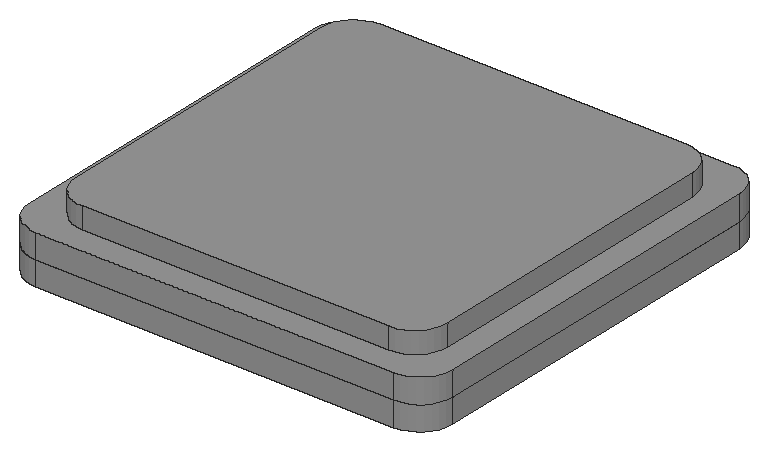
Revit family "FMS2_63_UN_Surface-mounted_ETK", category Lighting Fixtures, Revit 2019 (continued)
Definition of nested family "FMS.2 - Lightsource"
  Types (14, lengths in mm): name | Wattage Comments | Wattage | built-in parameter 1150134 | Photometric Web File | built-in parameter 1150142 | built-in parameter 1150105 | Lumens | built-in parameter 1150107 | built-in parameter 1150106 | Apparent Load
      1\t456.6909\t455.4077\t453.9962\t452.713\t451.3014\r\n449.8899\t448.3501\t446.9386\t445.2704\t443.7306\t442.0624\t440.3942\t438.7261\t436.9296\t435.1331\r\n433.2083\t431.4118\t429.487\t427.4339\t425.3808\t423.3277\t421.4029\t419.3498\t417.1683\t415.1152\r\n412.8054\t410.624\t408.4426\t406.0045\t403.6947\t401.385\t398.6902\t395.9955\t393.1725\t390.4778\r\n387.783\t384.8317\t382.0086\t379.1856\t376.4909\t373.5395\t370.7165\t367.7651\t364.9421\t361.9907\r\n359.0394\t356.088\t353.1366\t350.1853\t347.1056\t344.0259\t341.0746\t338.1232\t335.1718\t332.0922\r\n329.0125\t326.0611\t322.9814\t319.9018\t316.8221\t313.7424\t310.6627\t307.583\t304.5034\t301.4237\r\n298.344\t295.2643\t292.1846\t289.105\t285.7686\t282.304\t278.8394\t275.3747\t271.9101\t268.4454\r\n264.8525\t261.3878\t257.9232\t254.4586\t250.9939\t247.5293\t244.0646\t240.6\t237.1354\t233.6707\r\n230.2061\t226.7414\t223.2768\t219.8122\t216.4758\t213.1395\t209.6749\t206.3386\t203.0022\t199.6659\r\n196.073\t192.48\t189.0154\t185.4224\t181.9578\t178.3648\t174.7718\t171.3072\t167.9709\t164.5062\r\n161.0416\t157.7053\t154.369\t151.0326\t147.6963\t144.36\t141.0237\t137.4307\t133.8378\t130.2448\r\n126.793\t123.277\t119.7996\t116.3606\t112.9601\t109.5853\t106.249\t102.9383\t99.6533\t96.317\r\n93.0448\t89.8368\t86.6545\t83.485\t80.3668\t77.3\t74.2844\t71.3203\t68.3689\t65.4175\r\n62.5047\t59.6046\t56.7431\t53.8944\t51.0842\t48.2996\t45.5921\t43.1155\t40.7031\t38.3035\r\n35.9296\t33.5685\t31.2203\t28.8848\t21.237\t12.986\t4.7312\t0\t0\t0\r\n0\r\n473.6291\t473.5008\t473.2442\t473.1158\t472.8592\t472.4742\t471.961\t471.4477\t471.0627\t470.5494\r\n470.0362\t469.5229\t468.8813\t468.2397\t467.4698\t466.5715\t465.8016\t465.16\t464.2618\t463.3635\r\n462.337\t461.3104\t460.2838\t459.2573\t458.2307\t456.9475\t455.6643\t454.3811\t452.9696\t451.6864\r\n450.2749\t448.9917\t447.4518\t446.0403\t444.5005\t442.9606\t441.2925\t439.6243\t437.9562\t436.288\r\n434.6198\t432.695\t430.8986\t428.9738\t427.1773\t425.1242\t422.8144\t420.3763\t418.0666\t415.6285\r\n413.1904\t410.7523\t408.1859\t405.7478\t403.0531\t400.4867\t397.9203\t395.3539\t392.7875\t390.0928\r\n387.3981\t384.7034\t382.0086\t379.3139\t376.4909\t373.7962\t370.9731\t368.2784\t365.4554\t362.6323\r\n359.8093\t356.9862\t354.1632\t351.3402\t348.3888\t345.5658\t342.7427\t339.7914\t336.9683\t334.017\r\n331.1939\t328.2426\t325.1629\t321.8266\t318.4902\t315.1539\t311.6893\t308.353\t305.0166\t301.552\r\n298.2157\t294.8794\t291.543\t288.2067\t284.8704\t281.5341\t278.1978\t274.7331\t271.3968\t268.0605\r\n264.7242\t261.3878\t258.1798\t254.9718\t251.5072\t248.2992\t244.9629\t241.6266\t238.2902\t234.6973\r\n231.2326\t227.6397\t224.175\t220.5821\t217.1174\t213.6528\t210.1882\t206.7235\t203.2589\t199.7942\r\n196.5862\t193.2499\t189.7853\t186.449\t183.1126\t179.7763\t176.44\t172.9754\t169.2541\t165.6611\r\n162.0682\t158.4752\t155.0106\t151.4176\t147.8246\t144.36\t140.767\t137.3024\t133.9661\t130.5014\r\n127.1395\t123.7646\t120.3128\t116.8995\t113.499\t110.1371\t106.8007\t103.4901\t100.2051\t96.9329\r\n93.6864\t90.4913\t87.3346\t84.2036\t81.0726\t77.9801\t74.926\t71.8977\t68.895\t65.9308\r\n62.9923\t60.0794\t57.2051\t54.4462\t51.8413\t49.2364\t46.6572\t44.0908\t41.55\t39.0221\r\n36.507\t34.0048\t28.8207\t21.1728\t13.5249\t5.8617\t0\t0\t0\t0\r\n0\r\n473.6291\t473.5008\t473.2442\t472.9875\t472.7309\t472.3459\t471.8326\t471.3194\t470.9344\t470.4211\r\n469.9078\t469.3946\t468.753\t468.1114\t467.4698\t466.5715\t465.8016\t465.0317\t464.2618\t463.3635\r\n462.4653\t461.4387\t460.5405\t459.5139\t458.4874\t457.3325\t456.1776\t454.8944\t453.6112\t452.328\r\n451.0448\t449.6333\t448.3501\t446.9386\t445.527\t443.9872\t442.5757\t441.0358\t439.496\t437.8278\r\n435.6464\t433.465\t431.2835\t429.1021\t426.7923\t424.4826\t422.1728\t419.863\t417.5533\t415.1152\r\n412.6771\t410.3674\t407.9293\t405.6195\t403.1814\t400.615\t398.0486\t395.6106\t393.0442\t390.4778\r\n388.0397\t385.4733\t382.9069\t380.2122\t377.6458\t374.951\t372.3846\t369.6899\t367.1235\t364.4288\r\n361.8624\t359.1677\t356.3446\t353.1366\t349.9286\t346.7206\t343.5126\t340.3046\t337.0966\t333.8886\r\n330.6806\t327.3443\t324.1363\t320.8\t317.7203\t314.5123\t311.3043\t308.0963\t304.8883\t301.6803\r\n298.344\t295.136\t291.928\t288.72\t285.512\t282.304\t279.096\t275.888\t272.68\t269.2154\r\n265.7507\t262.2861\t258.8214\t255.3568\t251.8922\t248.4275\t244.9629\t241.6266\t238.2902\t234.9539\r\n231.4893\t228.153\t224.8166\t221.4803\t218.144\t214.8077\t211.4714\t208.2634\t205.0554\t201.5907\r\n197.8694\t194.2765\t190.6835\t186.9622\t183.3693\t179.7763\t176.1834\t172.5904\t169.1258\t165.6611\r\n162.1965\t158.7318\t155.2672\t151.8026\t148.3379\t144.8733\t141.4086\t137.944\t134.4794\t131.0147\r\n127.6527\t124.2779\t120.9159\t117.5924\t114.2818\t110.9968\t107.7375\t104.5038\t101.2701\t97.9852\r\n94.713\t91.4665\t88.2457\t85.0377\t81.8682\t78.7115\t75.5805\t72.4623\t69.3698\t66.2773\r\n63.4029\t60.6569\t57.9365\t55.2289\t52.5342\t49.8652\t47.2089\t44.5655\t41.935\t39.3301\r\n36.3659\t29.0773\t21.8016\t14.513\t7.2244\t0\t0\t0\t0\t0\r\n0\r\n473.6291\t473.3725\t473.2442\t472.8592\t472.6026\t472.3459\t471.8326\t471.3194\t470.8061\t470.2928\r\n469.7795\t469.2662\t468.753\t468.1114\t467.3414\t466.6998\t465.9299\t465.0317\t464.2618\t463.4918\r\n462.7219\t461.6954\t460.7971\t459.7706\t458.8723\t457.8458\t456.8192\t455.7926\t454.5094\t453.2262\r\n451.943\t450.6598\t449.3766\t448.0934\t446.9386\t445.0138\t443.089\t441.0358\t438.9827\t437.0579\r\n435.0048\t432.8234\t430.7702\t428.5888\t426.5357\t424.3542\t422.0445\t419.7347\t417.5533\t415.3718\r\n413.0621\t410.624\t408.3142\t406.0045\t403.5664\t401.2566\t398.9469\t396.6371\t394.199\t391.6326\r\n389.1946\t386.7565\t384.4467\t382.0086\t379.5706\t377.0042\t373.9245\t370.8448\t367.7651\t364.6854\r\n361.6058\t358.5261\t355.4464\t352.3667\t349.287\t346.2074\t343.1277\t339.9197\t336.7117\t333.632\r\n330.5523\t327.4726\t324.393\t321.3133\t318.2336\t315.0256\t311.9459\t308.8662\t305.6582\t302.5786\r\n299.4989\t296.2909\t292.9546\t289.6182\t286.1536\t282.8173\t279.3526\t276.0163\t272.68\t269.3437\r\n265.879\t262.5427\t259.2064\t255.8701\t252.6621\t249.3258\t245.9894\t242.7814\t239.4451\t236.2371\r\n233.0291\t229.8211\t226.2282\t222.6352\t219.0422\t215.4493\t211.8563\t208.2634\t204.6704\t201.0774\r\n197.6128\t194.0198\t190.5552\t187.0906\t183.6259\t180.1613\t176.6966\t173.232\t169.8957\t166.431\r\n162.8381\t159.3734\t155.9088\t152.3158\t148.8512\t145.3866\t141.9219\t138.5856\t135.121\t131.7846\r\n128.32\t125.0093\t121.673\t118.3367\t115.0004\t111.6384\t108.3021\t104.9786\t101.6679\t98.3701\r\n95.0851\t91.8258\t88.5793\t85.3585\t82.1505\t78.9681\t75.7986\t72.8216\t69.9729\t67.137\r\n64.314\t61.5038\t58.7064\t55.909\t53.1373\t50.3656\t47.6067\t44.8607\t42.1275\t37.0332\r\n29.9884\t22.9436\t15.8988\t8.8464\t1.7952\t0\t0\t0\t0\t0\r\n0\r\n473.6291\t473.3725\t473.1158\t472.8592\t472.4742\t472.2176\t471.7043\t471.191\t470.6778\t470.2928\r\n469.7795\t469.2662\t468.6246\t468.1114\t467.4698\t466.6998\t466.0582\t465.2883\t464.5184\t463.7485\r\n462.9786\t462.2086\t461.1821\t460.2838\t459.3856\t458.359\t457.4608\t456.4342\t455.4077\t454.3811\r\n453.2262\t451.8147\t450.0182\t448.0934\t446.1686\t444.3722\t442.4474\t440.6509\t438.5978\t436.673\r\n434.6198\t432.5667\t430.6419\t428.5888\t426.5357\t424.3542\t422.3011\t420.248\t418.1949\t415.8851\r\n413.7037\t411.5222\t409.3408\t407.1594\t404.8496\t402.5398\t400.3584\t398.0486\t395.7389\t393.4291\r\n390.7344\t387.9114\t384.96\t381.8803\t378.929\t375.9776\t373.0262\t370.2032\t367.2518\t364.3005\r\n361.3491\t358.2694\t355.3181\t352.3667\t349.287\t346.3357\t343.3843\t340.433\t337.4816\t334.5302\r\n331.4506\t328.4992\t325.5478\t322.4682\t319.3885\t316.0522\t312.7158\t309.3795\t306.0432\t302.7069\r\n299.4989\t296.1626\t292.8262\t289.4899\t286.2819\t282.9456\t279.6093\t276.4013\t273.1933\t269.9853\r\n266.7773\t263.5693\t260.3613\t257.1533\t253.9453\t250.7373\t247.2726\t243.808\t240.0867\t236.4938\r\n232.9008\t229.4362\t225.8432\t222.3786\t218.9139\t215.4493\t211.8563\t208.52\t205.0554\t201.5907\r\n197.9978\t194.5331\t191.0685\t187.7322\t184.2675\t180.8029\t177.2099\t173.7453\t170.1523\t166.6877\r\n163.223\t159.7584\t156.2938\t152.8291\t149.4928\t146.0282\t142.5635\t139.2272\t135.8909\t132.4262\r\n129.0899\t125.6124\t122.1991\t118.8115\t115.4238\t112.0619\t108.6999\t105.3636\t102.0272\t98.7166\r\n95.4188\t92.1338\t88.8616\t85.6023\t82.4584\t79.5071\t76.5814\t73.6557\t70.7556\t67.8556\r\n64.9684\t62.0812\t59.2197\t56.3453\t53.4966\t50.6607\t47.8249\t44.989\t38.3677\t31.4769\r\n24.5733\t17.6825\t10.7814\t3.8817\t0\t0\t0\t0\t0\t0\r\n0\r\n473.6291\t473.3725\t473.1158\t472.7309\t472.4742\t472.0893\t471.7043\t471.191\t470.6778\t470.1645\r\n469.6512\t469.1379\t468.6246\t468.1114\t467.5981\t466.8282\t466.1866\t465.545\t464.775\t464.0051\r\n463.2352\t462.4653\t461.6954\t460.9254\t460.0272\t459.129\t458.2307\t457.3325\t456.4342\t454.7661\r\n453.0979\t451.3014\t449.505\t447.7085\t445.912\t443.9872\t442.1907\t440.2659\t438.4694\t436.5446\r\n434.7482\t432.8234\t430.8986\t428.8454\t426.9206\t424.8675\t422.8144\t420.7613\t418.8365\t416.7834\r\n414.7302\t412.8054\t410.7523\t408.5709\t406.3894\t403.9514\t401.1283\t398.4336\t395.6106\t392.7875\r\n389.9645\t387.1414\t384.3184\t381.4954\t378.6723\t375.8493\t373.1546\t370.3315\t367.3802\t364.4288\r\n361.4774\t358.6544\t355.9597\t353.1366\t350.1853\t347.3622\t344.4109\t341.4595\t338.6365\t335.5568\r\n332.3488\t329.0125\t325.6762\t322.4682\t319.1318\t315.9238\t312.7158\t309.5078\t306.2998\t302.9635\r\n299.7555\t296.5475\t293.3395\t290.1315\t286.9235\t283.7155\t280.6358\t277.4278\t274.3482\t271.2685\r\n267.9322\t264.4675\t260.8746\t257.4099\t253.817\t250.3523\t246.8877\t243.423\t239.9584\t236.4938\r\n233.0291\t229.5645\t226.2282\t222.7635\t219.2989\t215.8342\t212.3696\t209.0333\t205.697\t202.2323\r\n198.6394\t195.1747\t191.5818\t188.1171\t184.5242\t181.0595\t177.5949\t174.0019\t170.5373\t167.0726\r\n163.7363\t160.2717\t156.807\t153.4707\t150.0061\t146.6698\t143.2051\t139.7405\t136.2758\t132.8112\r\n129.4749\t125.9974\t122.5841\t119.1708\t115.7703\t112.3827\t109.0207\t105.6587\t102.3095\t98.9732\r\n95.6369\t92.3134\t89.2466\t86.231\t83.2284\t80.2385\t77.2486\t74.2716\t71.3074\t68.3561\r\n65.4047\t62.4533\t59.5276\t56.5891\t53.6634\t50.7506\t47.0036\t40.2027\t33.4145\t26.6264\r\n19.8383\t13.0373\t6.2492\t0\t0\t0\t0\t0\t0\t0\r\n0\r\n473.6291\t473.3725\t473.1158\t472.7309\t472.3459\t472.0893\t471.7043\t471.191\t470.6778\t470.1645\r\n469.6512\t469.1379\t468.6246\t468.1114\t467.5981\t467.0848\t466.4432\t465.8016\t465.16\t464.3901\r\n463.6202\t462.9786\t462.2086\t461.4387\t460.7971\t460.0272\t459.0006\t457.3325\t455.7926\t454.1245\r\n452.4563\t450.9165\t449.12\t447.4518\t445.7837\t443.9872\t442.1907\t440.3942\t438.5978\t436.8013\r\n434.8765\t433.08\t431.2835\t429.487\t427.5622\t425.7658\t423.841\t421.9162\t419.863\t417.9382\r\n415.8851\t413.832\t411.1373\t408.5709\t405.8762\t403.3098\t400.7434\t398.0486\t395.3539\t392.5309\r\n389.8362\t387.0131\t384.3184\t381.6237\t378.8006\t376.1059\t373.4112\t370.7165\t367.8934\t365.1987\r\n362.3757\t359.681\t356.9862\t354.2915\t351.5968\t348.5171\t345.1808\t341.8445\t338.5082\t335.3002\r\n332.2205\t329.0125\t325.9328\t322.7248\t319.5168\t316.3088\t313.1008\t309.8928\t306.8131\t303.7334\r\n300.5254\t297.4458\t294.2378\t291.1581\t288.0784\t284.8704\t281.5341\t277.9411\t274.4765\t271.0118\r\n267.6755\t264.2109\t260.7462\t257.2816\t253.817\t250.3523\t247.016\t243.5514\t240.215\t236.7504\r\n233.4141\t230.0778\t226.6131\t223.2768\t219.9405\t216.4758\t212.8829\t209.4182\t205.8253\t202.3606\r\n198.896\t195.4314\t191.8384\t188.3738\t184.9091\t181.4445\t177.9798\t174.6435\t171.1789\t167.7142\r\n164.3779\t160.9133\t157.577\t153.984\t150.5194\t147.0547\t143.4618\t139.9971\t136.5325\t133.0678\r\n129.6032\t126.2284\t122.8151\t119.4146\t116.0141\t112.6265\t109.2388\t105.864\t102.4892\t99.1657\r\n96.086\t93.0192\t89.9523\t86.8983\t83.8443\t80.8031\t77.7748\t74.7464\t71.718\t68.7025\r\n65.687\t62.6843\t59.6816\t56.6789\t53.6891\t49.262\t42.5509\t35.8269\t29.103\t22.3918\r\n15.6679\t8.9478\t2.2276\t0\t0\t0\t0\t0\t0\t0\r\n0\r\n473.6291\t473.3725\t472.9875\t472.7309\t472.3459\t471.961\t471.576\t471.191\t470.6778\t470.1645\r\n469.6512\t469.1379\t468.753\t468.2397\t467.7264\t467.2131\t466.5715\t466.0582\t465.4166\t464.775\r\n464.1334\t463.4918\t462.8502\t462.0803\t461.4387\t460.1555\t458.6157\t457.0758\t455.536\t453.8678\r\n452.1997\t450.5315\t448.8634\t447.1952\t445.6554\t443.9872\t442.319\t440.6509\t438.8544\t437.1862\r\n435.3898\t433.5933\t431.9251\t430.1286\t428.3322\t426.5357\t424.6109\t422.9427\t421.0179\t418.5798\r\n416.0134\t413.447\t410.8806\t408.1859\t405.6195\t402.9248\t400.3584\t397.792\t395.0973\t392.5309\r\n389.9645\t387.2698\t384.7034\t382.137\t379.4422\t376.8758\t374.1811\t371.4864\t368.7917\t366.097\r\n363.5306\t360.4509\t357.3712\t354.1632\t351.0835\t348.0038\t344.9242\t341.8445\t338.6365\t335.5568\r\n332.3488\t329.2691\t326.0611\t322.9814\t319.9018\t316.8221\t313.7424\t310.6627\t307.583\t304.5034\r\n301.4237\t298.344\t295.0077\t291.6714\t288.2067\t284.7421\t281.4058\t277.9411\t274.4765\t271.1402\r\n267.6755\t264.3392\t260.8746\t257.5382\t254.0736\t250.7373\t247.2726\t243.9363\t240.6\t237.2637\r\n233.9274\t230.591\t227.1264\t223.5334\t220.0688\t216.6042\t213.1395\t209.6749\t206.2102\t202.7456\r\n199.1526\t195.8163\t192.3517\t188.887\t185.4224\t181.9578\t178.4931\t175.1568\t171.6922\t168.2275\r\n164.7629\t161.2982\t157.7053\t154.2406\t150.776\t147.3114\t143.8467\t140.3821\t136.9174\t133.4528\r\n129.9882\t126.5235\t123.0845\t119.6584\t116.2194\t112.7933\t109.38\t106.018\t102.8998\t99.7816\r\n96.6635\t93.5581\t90.4528\t87.3474\t84.2549\t81.1752\t78.0956\t75.0159\t71.9362\t68.8693\r\n65.8153\t62.7485\t59.6945\t56.6404\t52.0081\t45.3483\t38.6756\t32.0158\t25.3432\t18.6834\r\n12.0133\t5.3458\t0\t0\t0\t0\t0\t0\t0\t0\r\n0\r\n473.6291\t473.3725\t472.9875\t472.6026\t472.2176\t471.961\t471.576\t471.191\t470.8061\t470.2928\r\n469.7795\t469.2662\t468.753\t468.2397\t467.8547\t467.3414\t466.8282\t466.3149\t465.8016\t465.16\r\n464.6467\t464.0051\t463.3635\t462.7219\t461.3104\t459.7706\t458.2307\t456.6909\t455.151\t453.6112\r\n452.0714\t450.5315\t448.9917\t447.3235\t445.6554\t443.9872\t442.4474\t440.7792\t439.111\t437.5712\r\n435.903\t434.2349\t432.5667\t430.8986\t429.2304\t427.4339\t425.5091\t422.9427\t420.5046\t418.0666\r\n415.5002\t413.0621\t410.4957\t407.9293\t405.4912\t402.9248\t400.4867\t397.9203\t395.3539\t392.7875\r\n390.2211\t387.783\t385.2166\t382.6502\t380.0838\t377.5174\t374.951\t372.513\t369.5616\t366.6102\r\n363.5306\t360.4509\t357.3712\t354.2915\t351.2118\t348.1322\t345.0525\t341.9728\t338.8931\t335.8134\r\n332.7338\t329.7824\t326.7027\t323.623\t320.5434\t317.4637\t314.5123\t311.4326\t308.4813\t305.145\r\n301.6803\t298.344\t294.8794\t291.543\t288.0784\t284.7421\t281.2774\t277.9411\t274.6048\t271.1402\r\n267.8038\t264.4675\t261.1312\t257.7949\t254.4586\t251.1222\t247.7859\t244.4496\t241.1133\t237.6486\r\n234.0557\t230.591\t227.1264\t223.6618\t220.1971\t216.7325\t213.2678\t209.8032\t206.3386\t202.8739\r\n199.4093\t196.073\t192.6083\t189.1437\t185.679\t182.3427\t178.8781\t175.4134\t171.9488\t168.4842\r\n165.0195\t161.4266\t157.9619\t154.4973\t151.0326\t147.568\t143.975\t140.5104\t137.0458\t133.5811\r\n130.1165\t126.716\t123.2642\t119.8124\t116.3734\t112.9216\t109.7649\t106.5954\t103.4516\t100.2949\r\n97.1511\t94.0072\t90.8634\t87.7324\t84.5885\t81.4704\t78.3394\t75.2212\t72.0902\t68.972\r\n65.8667\t62.7485\t59.6431\t55.2546\t48.6204\t41.9863\t35.365\t28.7308\t22.0967\t15.4754\r\n8.8451\t2.2161\t0\t0\t0\t0\t0\t0\t0\t0\r\n0\r\n473.6291\t473.3725\t472.9875\t472.6026\t472.2176\t471.8326\t471.4477\t471.0627\t470.6778\t470.2928\r\n469.9078\t469.3946\t468.8813\t468.368\t467.983\t467.4698\t466.9565\t466.4432\t466.0582\t465.545\r\n465.0317\t464.5184\t463.8768\t462.4653\t461.0538\t459.5139\t457.9741\t456.5626\t455.0227\t453.4829\r\n451.943\t450.4032\t448.8634\t447.3235\t445.912\t444.2438\t442.704\t441.1642\t439.6243\t438.0845\r\n436.4163\t434.8765\t433.2083\t431.5402\t429.7437\t427.4339\t424.9958\t422.5578\t420.248\t417.8099\r\n415.3718\t412.9338\t410.4957\t408.0576\t405.6195\t403.1814\t400.615\t398.177\t395.7389\t393.3008\r\n390.8627\t388.2963\t385.8582\t383.4202\t380.9821\t378.4157\t375.336\t372.3846\t369.305\t366.3536\r\n363.2739\t360.3226\t357.2429\t354.1632\t351.2118\t348.2605\t345.1808\t342.2294\t339.1498\t336.1984\r\n333.247\t330.2957\t327.3443\t324.2646\t321.3133\t318.3619\t315.1539\t311.8176\t308.4813\t305.0166\r\n301.6803\t298.344\t295.0077\t291.6714\t288.335\t284.9987\t281.5341\t278.1978\t274.8614\t271.5251\r\n268.1888\t264.8525\t261.5162\t258.3082\t254.9718\t251.6355\t248.2992\t244.8346\t241.2416\t237.777\r\n234.3123\t230.8477\t227.383\t223.9184\t220.4538\t216.9891\t213.5245\t210.0598\t206.5952\t203.1306\r\n199.6659\t196.2013\t192.865\t189.4003\t185.9357\t182.471\t179.0064\t175.5418\t172.0771\t168.4842\r\n165.0195\t161.5549\t158.0902\t154.6256\t151.161\t147.6963\t144.1034\t140.6387\t137.1741\t133.7094\r\n130.2448\t126.8315\t123.3797\t119.9279\t116.6172\t113.422\t110.2397\t107.0574\t103.8879\t100.7055\r\n97.536\t94.3537\t91.1842\t88.0147\t84.8452\t81.6757\t78.519\t75.3623\t72.1928\t69.0362\r\n65.8795\t62.7356\t59.0272\t52.4187\t45.8102\t39.2018\t32.5933\t25.9848\t19.3763\t12.7704\r\n6.1632\t0\t0\t0\t0\t0\t0\t0\t0\t0\r\n0\r\n473.6291\t473.3725\t472.9875\t472.6026\t472.2176\t471.8326\t471.4477\t471.0627\t470.6778\t470.2928\r\n469.9078\t469.5229\t469.1379\t468.6246\t468.1114\t467.7264\t467.2131\t466.6998\t466.1866\t465.8016\r\n465.2883\t464.9034\t463.7485\t462.337\t460.7971\t459.3856\t457.8458\t456.4342\t454.8944\t453.4829\r\n451.943\t450.5315\t448.9917\t447.4518\t446.0403\t444.5005\t442.9606\t441.4208\t440.0093\t438.4694\r\n436.9296\t435.5181\t433.9782\t431.9251\t429.487\t427.1773\t424.8675\t422.4294\t420.1197\t417.6816\r\n415.2435\t412.9338\t410.4957\t408.0576\t405.7478\t403.3098\t400.8717\t398.5619\t396.2522\t393.8141\r\n391.5043\t389.0662\t386.7565\t384.3184\t381.367\t378.4157\t375.336\t372.3846\t369.4333\t366.3536\r\n363.4022\t360.4509\t357.4995\t354.5482\t351.4685\t348.5171\t345.5658\t342.6144\t339.663\t336.7117\r\n333.
